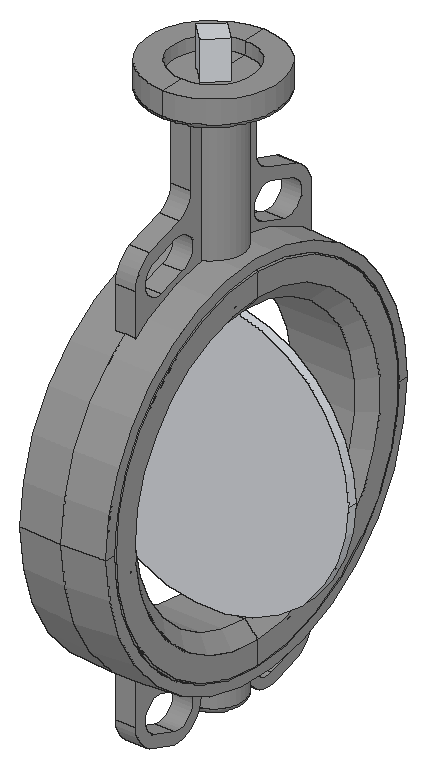
Revit family "Absperr- und Regulierklappe ZF-4219", category Rohrzubehör, Revit 2020
Family settings
  Bemaßung runder Anschluss = Durchmesser verwenden
  Teiletyp = Unterbricht
  Arbeitsebenenbasiert = Nein
  Immer vertikal = Ja
  Beim Laden mit Abzugskörper schneiden = Nein
  Gemeinsam genutzt = Nein
Parameters
  Vorgabe-Ansicht = 0 mm
  URL = "www.herz-armaturen.at"
  Spindel = "Edelstahl ASTM-A276 / Type 316"  # constant formula
  Schrauben PN16 [instance] = if(Nennweite = 50 mm, "4x M16x100", if(Nennweite = 65 mm, "4x M16x100", if(Nennweite = 80 mm, "8x M16x100", if(Nennweite = 100 mm, "8x M16x110", if(Nennweite = 125 mm, "8x M16x120", if(Nennweite = 150 mm, "8x M20x120", if(Nennweite = 200 mm, "12x M20x130", if(Nennweite = 250 mm, "12x M24x140", "12x M24x160"))))))))  # "12x M20x130"
  Schrauben PN 6 [instance] = if(Nennweite = 50 mm, "4x M12x100", if(Nennweite = 65 mm, "4x M12x100", if(Nennweite = 80 mm, "4x M16x100", if(Nennweite = 100 mm, "4x M16x100", if(Nennweite = 125 mm, "8x M16x110", if(Nennweite = 150 mm, "8x M16x110", if(Nennweite = 200 mm, "--", if(Nennweite = 250 mm, "12x M16x130", "12xM16x140"))))))))  # "--"
  Schrauben PN10 [instance] = if(Nennweite = 50 mm, "4x M16x100", if(Nennweite = 65 mm, "4x M16x100", if(Nennweite = 80 mm, "4x M16x100", if(Nennweite = 100 mm, "4x M16x110", if(Nennweite = 125 mm, "8x M16x120", if(Nennweite = 150 mm, "8x M20x120", if(Nennweite = 200 mm, "8x M20x130", if(Nennweite = 250 mm, "12x M20x130", "12x M20x150"))))))))  # "8x M20x130"
  SCTWSEQ = "FW;SBT_TYP_FW=\"101\";2"
  SCTWCODE = "04;07;02"  # constant formula
  SCRNSEQ = "ARM;ARM_TYP=\"ALLF\";2"
  SCRNCODE = "05;13;02"  # constant formula
  R_Dichtung = 1.5 mm  # constant formula
  PN16 [instance] = or(Nennweite = 50 mm, Nennweite = 65 mm, Nennweite = 80 mm, Nennweite = 100 mm, Nennweite = 125 mm, Nennweite = 150 mm, Nennweite = 200 mm, Nennweite = 250 mm, Nennweite = 300 mm)  # yes
  PN10 [instance] = or(Nennweite = 50 mm, Nennweite = 65 mm, Nennweite = 80 mm, Nennweite = 100 mm, Nennweite = 125 mm, Nennweite = 150 mm, Nennweite = 200 mm, Nennweite = 250 mm, Nennweite = 300 mm)  # yes
  PN 6 [instance] = or(Nennweite = 50 mm, Nennweite = 65 mm, Nennweite = 80 mm, Nennweite = 100 mm, Nennweite = 125 mm, Nennweite = 150 mm, Nennweite = 250 mm, Nennweite = 300 mm)  # no
  PN = 16  # constant formula
  O-Ring = "EPDM entsprechend ISO 1691"  # constant formula
  Nennweite [instance] = 200 mm
  Min. Betriebstemperatur = "-20.00 °C bei entsprechender Wasser-Glycolmischung"  # constant formula
  Medium = "Ethylen- und Propyleneglykol kann in einem Mischungsverhältnis zwischen 25 - 50 vol. [%] verwendet werden."
  Max. Betriebstemperatur = 110 °C  # constant formula
  LO1 [instance] = R05 + 10 mm  # 141 mm
  L16 [instance] = L01 - L13  # 236 mm
  L15 [instance] = L01 + L12  # 263 mm
  L14 [instance] = size_lookup("4219_ZF", "L_14", 44.4 mm, Nennweite)  # 61.5 mm
  L13 [instance] = size_lookup("4219_ZF", "L_13", 15 mm, Nennweite)  # 9 mm
  L12 [instance] = size_lookup("4219_ZF", "L_12", 15 mm, Nennweite)  # 18 mm
  L11 [instance] = size_lookup("4219_ZF", "L_11", 15 mm, Nennweite)  # 20 mm
  L10 [instance] = size_lookup("4219_ZF", "L_10", 16 mm, Nennweite)  # 16 mm
  L09 [instance] = size_lookup("4219_ZF", "L9", 29 mm, Nennweite)  # 44 mm
  L08 [instance] = size_lookup("4219_ZF", "L8", 43 mm, Nennweite)  # 60 mm
  L07 [instance] = size_lookup("4219_ZF", "L7", 3.5 mm, Nennweite)  # 4.5 mm
  L06 [instance] = size_lookup("4219_ZF", "L6", 18 mm, Nennweite)  # 32 mm
  L05 [instance] = size_lookup("4219_ZF", "L5", 35 mm, Nennweite)  # 50 mm
  L04 [instance] = size_lookup("4219_ZF", "L4", 35 mm, Nennweite)  # 17.5 mm
  L03 [instance] = size_lookup("4219_ZF", "L3", 35 mm, Nennweite)  # 152.5 mm
  L02 [instance] = size_lookup("4219_ZF", "L2", 35 mm, Nennweite)  # 109 mm
  L01 [instance] = size_lookup("4219_ZF", "L1", 35 mm, Nennweite)  # 245 mm
  Klappenscheibe = "Edelstahl 1.4408"  # constant formula
  Hersteller = "HERZ Armaturen Ges.m.b.H."  # constant formula
  Hebel DN 50-DN150 = "Stahl, ST14.03"  # constant formula
  Hebel DN200-300 = "Stahl, S235 DIN2458/1626"  # constant formula
  H [instance] = size_lookup("4219_ZF", "H1", 9 mm, Nennweite)  # 17 mm
  Gewicht in kg [instance] = size_lookup("4219_ZF", "M", 37.6, Nennweite)  # 16.6
  Gewicht [instance] = 0.00 kg
  Gehäuseauskleidung = "EPDM entsprechend ISO 1691"  # constant formula
  Gehäuse = "GG, GJL-250/JL1040, entsprechend EN1561"  # constant formula
  Einbaudatum [instance] = ""
  Drehmoment in Nm [instance] = size_lookup("4219_ZF", "NM", 350, Nennweite)  # 150
  DN300 [instance] = Nennweite = 300 mm  # no
  DN250 [instance] = Nennweite = 250 mm  # no
  DN200 [instance] = Nennweite = 200 mm  # yes
  DN150 [instance] = Nennweite = 150 mm  # no
  DN125 [instance] = Nennweite = 125 mm  # no
  DN100 [instance] = Nennweite = 100 mm  # no
  DN 80 [instance] = Nennweite = 80 mm  # no
  DN 65 [instance] = Nennweite = 65 mm  # no
  DN 50 [instance] = Nennweite = 50 mm  # no
  Chargennummer [instance] = ""
  BD [instance] = size_lookup("4219_ZF", "DB", 24 mm, Nennweite)  # 193.6 mm
  D09 [instance] = size_lookup("4219_ZF", "D9", 24 mm, Nennweite)  # 96.5 mm
  D08 [instance] = size_lookup("4219_ZF", "D8", 47 mm, Nennweite)  # 14 mm
  D07 [instance] = size_lookup("4219_ZF", "D7", 47 mm, Nennweite)  # 27.5 mm
  D06 [instance] = size_lookup("4219_ZF", "D6", 47 mm, Nennweite)  # 44 mm
  R05 [instance] = size_lookup("4219_ZF", "D5", 47 mm, Nennweite)  # 131 mm
  D05 [instance] = R05 * 2  # 262 mm
  D04 [instance] = size_lookup("4219_ZF", "D4", 41 mm, Nennweite)  # 124 mm
  D03 [instance] = size_lookup("4219_ZF", "D3", 35.5 mm, Nennweite)  # 116.5 mm
  R01 [instance] = size_lookup("4219_ZF", "D1", 28 mm, Nennweite)  # 103.5 mm
  R02 [instance] = size_lookup("4219_ZF", "D2", 30 mm, Nennweite)  # 105.5 mm
  Bestellnummer [instance] = size_lookup("4219_ZF", "Artnr", 1421901, Nennweite)  # 1421927
  Anwendungsgebiet = "Geeignet für Flüssigkeiten in der Haustechnik, Kaltwasser, Heißwasser, etc."
  Anschlussflansch = "entsprechend EN1092-2"  # constant formula
Reference planes
  plane 1 "Mitte (Vorne/hinten)": y = 0
  plane 2: z = 0
  plane 3 "Mitte (Links/rechts)": x = 0
Forms (mm)
  Revolve 1, solid, material "Herz-Metall-blau", detail levels fine
    sketch origin (0, 0, 0) x (1, 0, 0) y (0, 1, 0)
      loop
        line (0, 132.724) -> (-30, 131) -> (-30, 124) -> (-22, 124) -> (-22, 116.5) -> (-23.5, 116.5)
        arc (-23.5, 116.5) -> (-24.561, 116.061) -> (-25, 115) r 1.5
        line (-25, 115) -> (-25, 105.824)
        arc (-25, 105.824) -> (-24.729, 104.964) -> (-24.013, 104.415) r 1.5
        line (-24.013, 104.415) -> (-20.5, 103.5) -> (-16, 103.5) -> (-16, 105.5) -> (16, 105.5) -> (16, 103.5) -> (20.5, 103.5) -> (24.013, 104.415)
        arc (24.013, 104.415) -> (24.729, 104.964) -> (25, 105.824) r 1.5
        line (25, 105.824) -> (25, 115)
        arc (25, 115) -> (24.561, 116.061) -> (23.5, 116.5) r 1.5
        line (23.5, 116.5) -> (22, 116.5) -> (22, 124) -> (30, 124) -> (30, 131) -> (0, 132.724)
      axis (30, 0) -> (-30, 0)
    angle from 0 to 360
  Extrusion 2, solid, material "Herz-Metall-blau", visible <- "DN 50", detail levels fine
    sketch origin (0, 0, 0) x (0, 1, 0) y (0, 0, 1)
      loop
        line (20, 54.051) -> (20.008, 111.113) -> (16.897, 110.952)
        arc (16.897, 110.952) -> (15.55, 110.331) -> (15, 108.954) r 2
        line (15, 108.954) -> (15, 44.542)
        arc (15, 44.542) -> (31.465, 34.913) -> (42.748, 19.534) r 47
        arc (42.748, 19.534) -> (42.633, 20.873) -> (43.392, 21.983) r 2
        line (43.392, 21.983) -> (54.714, 30.209)
        arc (54.714, 30.209) -> (56.569, 56.569) -> (30.209, 54.714) r 17.5
        line (30.209, 54.714) -> (27.87, 51.494)
        arc (27.87, 51.494) -> (23.006, 49.914) -> (20, 54.051) r 4.35
      loop
        arc (32.065, 41.998) -> (33.588, 33.588) -> (41.998, 32.065) r 7.5
        line (41.998, 32.065) -> (48.502, 35.17)
        arc (48.502, 35.17) -> (51.265, 51.265) -> (35.17, 48.502) r 10
        line (35.17, 48.502) -> (32.065, 41.998)
      loop
        arc (-20, 54.051) -> (-23.006, 49.914) -> (-27.87, 51.494) r 4.35
        line (-27.87, 51.494) -> (-30.209, 54.714)
        arc (-30.209, 54.714) -> (-56.569, 56.569) -> (-54.714, 30.209) r 17.5
        line (-54.714, 30.209) -> (-43.392, 21.983)
        arc (-43.392, 21.983) -> (-42.633, 20.873) -> (-42.748, 19.534) r 2
        arc (-42.748, 19.534) -> (-31.465, 34.913) -> (-15, 44.542) r 47
        line (-15, 44.542) -> (-15, 108.954)
        arc (-15, 108.954) -> (-15.55, 110.331) -> (-16.897, 110.952) r 2
        line (-16.897, 110.952) -> (-20.008, 111.113) -> (-20, 54.051)
      loop
        line (-32.065, 41.998) -> (-35.17, 48.502)
        arc (-35.17, 48.502) -> (-51.265, 51.265) -> (-48.502, 35.17) r 10
        line (-48.502, 35.17) -> (-41.998, 32.065)
        arc (-41.998, 32.065) -> (-33.588, 33.588) -> (-32.065, 41.998) r 7.5
      loop
        line (32.065, -41.998) -> (35.17, -48.502)
        arc (35.17, -48.502) -> (51.265, -51.265) -> (48.502, -35.17) r 10
        line (48.502, -35.17) -> (41.998, -32.065)
        arc (41.998, -32.065) -> (33.588, -33.588) -> (32.065, -41.998) r 7.5
      loop
        line (54.714, -30.209) -> (43.392, -21.983)
        arc (43.392, -21.983) -> (42.633, -20.873) -> (42.748, -19.534) r 2
        arc (42.748, -19.534) -> (33.234, -33.234) -> (19.534, -42.748) r 47
        arc (19.534, -42.748) -> (20.873, -42.633) -> (21.983, -43.392) r 2
        line (21.983, -43.392) -> (30.209, -54.714)
        arc (30.209, -54.714) -> (56.569, -56.569) -> (54.714, -30.209) r 17.5
      loop
        arc (-32.065, -41.998) -> (-33.588, -33.588) -> (-41.998, -32.065) r 7.5
        line (-41.998, -32.065) -> (-48.502, -35.17)
        arc (-48.502, -35.17) -> (-51.265, -51.265) -> (-35.17, -48.502) r 10
        line (-35.17, -48.502) -> (-32.065, -41.998)
      loop
        arc (-54.714, -30.209) -> (-56.569, -56.569) -> (-30.209, -54.714) r 17.5
        line (-30.209, -54.714) -> (-21.983, -43.392)
        arc (-21.983, -43.392) -> (-20.873, -42.633) -> (-19.534, -42.748) r 2
        arc (-19.534, -42.748) -> (-33.234, -33.234) -> (-42.748, -19.534) r 47
        arc (-42.748, -19.534) -> (-42.633, -20.873) -> (-43.392, -21.983) r 2
        line (-43.392, -21.983) -> (-54.714, -30.209)
    from -4.5 to 4.5
  Extrusion 3, solid, material "Herz-Metall-blau", visible <- "DN 65", detail levels fine
    sketch origin (0, 0, 0) x (0, 1, 0) y (0, 0, 1)
      loop
        arc (51.659, 21.619) -> (51.541, 22.778) -> (52.089, 23.805) r 2
        line (52.089, 23.805) -> (65.407, 37.123)
        arc (65.407, 37.123) -> (65.407, 65.407) -> (37.123, 65.407) r 20
        line (37.123, 65.407) -> (29.414, 57.699)
        arc (29.414, 57.699) -> (27.235, 57.265) -> (26, 59.113) r 2
        line (26, 59.113) -> (26, 136.154) -> (19.897, 135.838)
        arc (19.897, 135.838) -> (18.55, 135.218) -> (18, 133.841) r 2
        line (18, 133.841) -> (18, 53.028)
        arc (18, 53.028) -> (38.206, 40.942) -> (51.659, 21.619) r 56
      loop
        arc (55.637, 42.831) -> (57.983, 57.983) -> (42.831, 55.637) r 9.5
        line (42.831, 55.637) -> (39.647, 48.983)
        arc (39.647, 48.983) -> (41.012, 41.012) -> (48.983, 39.647) r 7
        line (48.983, 39.647) -> (55.637, 42.831)
      loop
        arc (51.659, -21.619) -> (39.598, -39.598) -> (21.619, -51.659) r 56
        arc (21.619, -51.659) -> (22.778, -51.541) -> (23.805, -52.089) r 2
        line (23.805, -52.089) -> (37.123, -65.407)
        arc (37.123, -65.407) -> (65.407, -65.407) -> (65.407, -37.123) r 20
        line (65.407, -37.123) -> (52.089, -23.805)
        arc (52.089, -23.805) -> (51.541, -22.778) -> (51.659, -21.619) r 2
      loop
        line (55.637, -42.831) -> (48.983, -39.647)
        arc (48.983, -39.647) -> (41.012, -41.012) -> (39.647, -48.983) r 7
        line (39.647, -48.983) -> (42.831, -55.637)
        arc (42.831, -55.637) -> (57.983, -57.983) -> (55.637, -42.831) r 9.5
      loop
        arc (-51.659, -21.619) -> (-51.541, -22.778) -> (-52.089, -23.805) r 2
        line (-52.089, -23.805) -> (-65.407, -37.123)
        arc (-65.407, -37.123) -> (-65.407, -65.407) -> (-37.123, -65.407) r 20
        line (-37.123, -65.407) -> (-23.805, -52.089)
        arc (-23.805, -52.089) -> (-22.778, -51.541) -> (-21.619, -51.659) r 2
        arc (-21.619, -51.659) -> (-39.598, -39.598) -> (-51.659, -21.619) r 56
      loop
        arc (-55.637, -42.831) -> (-57.983, -57.983) -> (-42.831, -55.637) r 9.5
        line (-42.831, -55.637) -> (-39.647, -48.983)
        arc (-39.647, -48.983) -> (-41.012, -41.012) -> (-48.983, -39.647) r 7
        line (-48.983, -39.647) -> (-55.637, -42.831)
      loop
        arc (-51.659, 21.619) -> (-38.206, 40.942) -> (-18, 53.028) r 56
        line (-18, 53.028) -> (-18, 133.838)
        arc (-18, 133.838) -> (-18.55, 135.215) -> (-19.897, 135.835) r 2
        line (-19.897, 135.835) -> (-26, 136.151) -> (-26, 59.113)
        arc (-26, 59.113) -> (-27.235, 57.265) -> (-29.414, 57.699) r 2
        line (-29.414, 57.699) -> (-37.123, 65.407)
        arc (-37.123, 65.407) -> (-65.407, 65.407) -> (-65.407, 37.123) r 20
        line (-65.407, 37.123) -> (-52.089, 23.805)
        arc (-52.089, 23.805) -> (-51.541, 22.778) -> (-51.659, 21.619) r 2
      loop
        line (-55.637, 42.831) -> (-48.983, 39.647)
        arc (-48.983, 39.647) -> (-41.012, 41.012) -> (-39.647, 48.983) r 7
        line (-39.647, 48.983) -> (-42.831, 55.637)
        arc (-42.831, 55.637) -> (-57.983, 57.983) -> (-55.637, 42.831) r 9.5
    from -4.5 to 4.5
  Extrusion 4, solid, material "Herz-Metall-blau", visible <- "DN 80", detail levels fine
    sketch origin (0, 0, 0) x (0, 1, 0) y (0, 0, 1)
      loop
        line (26, 143.161) -> (20.397, 142.871)
        arc (20.397, 142.871) -> (19.05, 142.251) -> (18.5, 140.874) r 2
        line (18.5, 140.874) -> (18.5, 62.833)
        arc (18.5, 62.833) -> (41.296, 50.842) -> (57.706, 30.989) r 65.5
        arc (57.706, 30.989) -> (57.482, 32.176) -> (57.983, 33.275) r 2
        line (57.983, 33.275) -> (67.23, 43.52)
        arc (67.23, 43.52) -> (70.328, 54.798) -> (65.407, 65.407) r 17
        line (65.407, 65.407) -> (42.005, 86.53)
        arc (42.005, 86.53) -> (37.832, 89.302) -> (33.031, 90.738) r 17
        arc (33.031, 90.738) -> (27.974, 93.895) -> (26, 99.52) r 9
        line (26, 99.52) -> (26, 143.161)
      loop
        circle (30.615, 73.91) r 9.5
      loop
        circle (53.387, 53.387) r 9.5
      loop
        arc (57.706, -30.989) -> (41.296, -50.842) -> (18.5, -62.833) r 65.5
        line (18.5, -62.833) -> (18.5, -85.837)
        arc (18.5, -85.837) -> (30.113, -90.903) -> (42.005, -86.53) r 17
        line (42.005, -86.53) -> (65.407, -65.407)
        arc (65.407, -65.407) -> (70.328, -54.798) -> (67.23, -43.52) r 17
        line (67.23, -43.52) -> (57.983, -33.275)
        arc (57.983, -33.275) -> (57.482, -32.176) -> (57.706, -30.989) r 2
      loop
        circle (30.615, -73.91) r 9.5
      loop
        circle (53.387, -53.387) r 9.5
      loop
        arc (-57.706, -30.989) -> (-57.482, -32.176) -> (-57.983, -33.275) r 2
        line (-57.983, -33.275) -> (-67.23, -43.52)
        arc (-67.23, -43.52) -> (-70.328, -54.798) -> (-65.407, -65.407) r 17
        line (-65.407, -65.407) -> (-42.005, -86.53)
        arc (-42.005, -86.53) -> (-30.113, -90.903) -> (-18.5, -85.837) r 17
        line (-18.5, -85.837) -> (-18.5, -62.833)
        arc (-18.5, -62.833) -> (-41.296, -50.842) -> (-57.706, -30.989) r 65.5
      loop
        circle (-30.615, -73.91) r 9.5
      loop
        circle (-53.387, -53.387) r 9.5
      loop
        line (-26, 143.179) -> (-26, 99.52)
        arc (-26, 99.52) -> (-27.974, 93.895) -> (-33.031, 90.738) r 9
        arc (-33.031, 90.738) -> (-37.832, 89.302) -> (-42.005, 86.53) r 17
        line (-42.005, 86.53) -> (-65.407, 65.407)
        arc (-65.407, 65.407) -> (-70.328, 54.798) -> (-67.23, 43.52) r 17
        line (-67.23, 43.52) -> (-57.983, 33.275)
        arc (-57.983, 33.275) -> (-57.482, 32.176) -> (-57.706, 30.989) r 2
        arc (-57.706, 30.989) -> (-41.296, 50.842) -> (-18.5, 62.833) r 65.5
        line (-18.5, 62.833) -> (-18.5, 140.891)
        arc (-18.5, 140.891) -> (-19.05, 142.268) -> (-20.397, 142.888) r 2
        line (-20.397, 142.888) -> (-26, 143.179)
      loop
        circle (-30.615, 73.91) r 9.5
      loop
        circle (-53.387, 53.387) r 9.5
    from -4.5 to 4.5
  Extrusion 5, solid, material "Herz-Metall-blau", visible <- "DN100", detail levels fine
    sketch origin (0, 0, 0) x (0, 1, 0) y (0, 0, 1)
      loop
        line (64.131, 38.887) -> (73.681, 49.873)
        arc (73.681, 49.873) -> (77.063, 61.29) -> (72.125, 72.125) r 17
        line (72.125, 72.125) -> (45.809, 95.79)
        arc (45.809, 95.79) -> (41.366, 98.675) -> (36.25, 100.053) r 17
        arc (36.25, 100.053) -> (28.882, 104.596) -> (26, 112.759) r 13
        line (26, 112.759) -> (26, 166.173) -> (20.397, 165.883)
        arc (20.397, 165.883) -> (19.05, 165.263) -> (18.5, 163.886) r 2
        line (18.5, 163.886) -> (18.5, 72.683)
        arc (18.5, 72.683) -> (44.637, 60.27) -> (64.131, 38.887) r 75
      loop
        circle (60.104, 60.104) r 9.5
      loop
        circle (34.442, 83.149) r 9.5
      loop
        arc (64.131, -38.887) -> (44.637, -60.27) -> (18.5, -72.683) r 75
        line (18.5, -72.683) -> (18.5, -95.329)
        arc (18.5, -95.329) -> (21.473, -95.603) -> (24.233, -96.743) r 10
        arc (24.233, -96.743) -> (35.191, -100.133) -> (45.809, -95.79) r 17
        line (45.809, -95.79) -> (72.125, -72.125)
        arc (72.125, -72.125) -> (77.063, -61.29) -> (73.681, -49.873) r 17
        line (73.681, -49.873) -> (64.131, -38.887)
      loop
        circle (60.104, -60.104) r 9.5
      loop
        circle (34.442, -83.149) r 9.5
      loop
        line (-64.131, -38.887) -> (-73.681, -49.873)
        arc (-73.681, -49.873) -> (-77.063, -61.29) -> (-72.125, -72.125) r 17
        line (-72.125, -72.125) -> (-45.809, -95.79)
        arc (-45.809, -95.79) -> (-35.191, -100.133) -> (-24.233, -96.743) r 17
        arc (-24.233, -96.743) -> (-21.473, -95.603) -> (-18.5, -95.329) r 10
        line (-18.5, -95.329) -> (-18.5, -72.683)
        arc (-18.5, -72.683) -> (-44.637, -60.27) -> (-64.131, -38.887) r 75
      loop
        circle (-60.104, -60.104) r 9.5
      loop
        circle (-34.442, -83.149) r 9.5
      loop
        arc (-64.131, 38.887) -> (-44.637, 60.27) -> (-18.5, 72.683) r 75
        line (-18.5, 72.683) -> (-18.5, 163.876)
        arc (-18.5, 163.876) -> (-19.05, 165.253) -> (-20.397, 165.873) r 2
        line (-20.397, 165.873) -> (-26, 166.164) -> (-26, 112.759)
        arc (-26, 112.759) -> (-28.882, 104.596) -> (-36.25, 100.053) r 13
        arc (-36.25, 100.053) -> (-41.366, 98.675) -> (-45.809, 95.79) r 17
        line (-45.809, 95.79) -> (-72.125, 72.125)
        arc (-72.125, 72.125) -> (-77.063, 61.29) -> (-73.681, 49.873) r 17
        line (-73.681, 49.873) -> (-64.131, 38.887)
      loop
        circle (-60.104, 60.104) r 9.5
      loop
        circle (-34.442, 83.149) r 9.5
    from -4.5 to 4.5
  Extrusion 6, solid, material "Herz-Metall-blau", visible <- "DN125", detail levels fine
    sketch origin (0, 0, 0) x (0, 1, 0) y (0, 0, 1)
      loop
        arc (75.229, 48.945) -> (74.917, 50.244) -> (75.492, 51.45) r 2
        line (75.492, 51.45) -> (82.731, 58.69)
        arc (82.731, 58.69) -> (87.711, 70.711) -> (82.731, 82.731) r 17
        line (82.731, 82.731) -> (51.291, 109.875)
        arc (51.291, 109.875) -> (46.108, 112.941) -> (40.182, 114.007) r 17
        line (40.182, 114.007) -> (38, 114.007)
        arc (38, 114.007) -> (29.515, 117.522) -> (26, 126.007) r 12
        line (26, 126.007) -> (26, 185.157) -> (20.397, 184.867)
        arc (20.397, 184.867) -> (19.05, 184.246) -> (18.5, 182.869) r 2
        line (18.5, 182.869) -> (18.5, 87.823)
        arc (18.5, 87.823) -> (50.736, 74.033) -> (75.229, 48.945) r 89.75
      loop
        circle (40.182, 97.007) r 9.5
      loop
        circle (70.711, 70.711) r 9.5
      loop
        arc (75.229, -48.945) -> (50.736, -74.033) -> (18.5, -87.823) r 89.75
        line (18.5, -87.823) -> (18.5, -108.431)
        arc (18.5, -108.431) -> (24.248, -107.655) -> (29.46, -110.2) r 10
        arc (29.46, -110.2) -> (40.434, -114.005) -> (51.291, -109.875) r 17
        line (51.291, -109.875) -> (82.731, -82.731)
        arc (82.731, -82.731) -> (87.711, -70.711) -> (82.731, -58.69) r 17
        line (82.731, -58.69) -> (75.492, -51.45)
        arc (75.492, -51.45) -> (74.917, -50.244) -> (75.229, -48.945) r 2
      loop
        circle (40.182, -97.007) r 9.5
      loop
        circle (70.711, -70.711) r 9.5
      loop
        arc (-75.229, -48.945) -> (-74.917, -50.244) -> (-75.492, -51.45) r 2
        line (-75.492, -51.45) -> (-82.731, -58.69)
        arc (-82.731, -58.69) -> (-87.711, -70.711) -> (-82.731, -82.731) r 17
        line (-82.731, -82.731) -> (-51.291, -109.875)
        arc (-51.291, -109.875) -> (-40.434, -114.005) -> (-29.46, -110.2) r 17
        arc (-29.46, -110.2) -> (-24.248, -107.655) -> (-18.5, -108.431) r 10
        line (-18.5, -108.431) -> (-18.5, -87.823)
        arc (-18.5, -87.823) -> (-50.736, -74.033) -> (-75.229, -48.945) r 89.75
      loop
        circle (-40.182, -97.007) r 9.5
      loop
        circle (-70.711, -70.711) r 9.5
      loop
        arc (-75.229, 48.945) -> (-50.736, 74.033) -> (-18.5, 87.823) r 89.75
        line (-18.5, 87.823) -> (-18.5, 182.852)
        arc (-18.5, 182.852) -> (-19.05, 184.23) -> (-20.397, 184.85) r 2
        line (-20.397, 184.85) -> (-26, 185.14) -> (-26, 126.007)
        arc (-26, 126.007) -> (-29.515, 117.522) -> (-38, 114.007) r 12
        line (-38, 114.007) -> (-40.182, 114.007)
        arc (-40.182, 114.007) -> (-46.108, 112.941) -> (-51.291, 109.875) r 17
        line (-51.291, 109.875) -> (-82.731, 82.731)
        arc (-82.731, 82.731) -> (-87.711, 70.711) -> (-82.731, 58.69) r 17
        line (-82.731, 58.69) -> (-75.492, 51.45)
        arc (-75.492, 51.45) -> (-74.917, 50.244) -> (-75.229, 48.945) r 2
      loop
        circle (-40.182, 97.007) r 9.5
      loop
        circle (-70.711, 70.711) r 9.5
    from -6 to 6
  Extrusion 7, solid, material "Herz-Metall-blau", visible <- "DN150", detail levels fine
    sketch origin (0, 0, 0) x (0, 1, 0) y (0, 0, 1)
      loop
        line (83.495, 59.454) -> (91.57, 67.529)
        arc (91.57, 67.529) -> (96.55, 79.55) -> (91.57, 91.57) r 17
        line (91.57, 91.57) -> (57.511, 123.304)
        arc (57.511, 123.304) -> (45.758, 127.865) -> (34.095, 123.077) r 17
        arc (34.095, 123.077) -> (28.976, 122.416) -> (26, 126.633) r 5
        line (26, 126.633) -> (26, 198.177) -> (20.397, 197.887)
        arc (20.397, 197.887) -> (19.05, 197.267) -> (18.5, 195.889) r 2
        line (18.5, 195.889) -> (18.5, 100.817)
        arc (18.5, 100.817) -> (55.032, 86.474) -> (83.495, 59.454) r 102.5
      loop
        circle (45.922, 110.866) r 11.5
      loop
        circle (79.55, 79.55) r 9.5
      loop
        circle (45.922, -110.866) r 11.5
      loop
        circle (79.55, -79.55) r 9.5
      loop
        line (91.57, -67.529) -> (83.495, -59.454)
        arc (83.495, -59.454) -> (55.032, -86.474) -> (18.5, -100.817) r 102.5
        line (18.5, -100.817) -> (18.5, -123.208)
        arc (18.5, -123.208) -> (19.363, -121.755) -> (21.03, -121.482) r 2
        line (21.03, -121.482) -> (42.642, -127.546)
        arc (42.642, -127.546) -> (50.587, -127.213) -> (57.511, -123.304) r 17
        line (57.511, -123.304) -> (91.57, -91.57)
        arc (91.57, -91.57) -> (96.55, -79.55) -> (91.57, -67.529) r 17
      loop
        arc (-83.495, 59.454) -> (-55.032, 86.474) -> (-18.5, 100.817) r 102.5
        line (-18.5, 100.817) -> (-18.5, 195.875)
        arc (-18.5, 195.875) -> (-19.05, 197.252) -> (-20.397, 197.872) r 2
        line (-20.397, 197.872) -> (-26, 198.163) -> (-26, 126.633)
        arc (-26, 126.633) -> (-28.976, 122.416) -> (-34.095, 123.077) r 5
        arc (-34.095, 123.077) -> (-45.758, 127.865) -> (-57.511, 123.304) r 17
        line (-57.511, 123.304) -> (-91.57, 91.57)
        arc (-91.57, 91.57) -> (-96.55, 79.55) -> (-91.57, 67.529) r 17
        line (-91.57, 67.529) -> (-83.495, 59.454)
      loop
        circle (-45.922, 110.866) r 11.5
      loop
        circle (-79.55, 79.55) r 9.5
      loop
        circle (-45.922, -110.866) r 11.5
      loop
        circle (-79.55, -79.55) r 9.5
      loop
        arc (-91.57, -67.529) -> (-96.55, -79.55) -> (-91.57, -91.57) r 17
        line (-91.57, -91.57) -> (-57.511, -123.304)
        arc (-57.511, -123.304) -> (-50.587, -127.213) -> (-42.642, -127.546) r 17
        line (-42.642, -127.546) -> (-21.03, -121.482)
        arc (-21.03, -121.482) -> (-19.363, -121.755) -> (-18.5, -123.208) r 2
        line (-18.5, -123.208) -> (-18.5, -100.817)
        arc (-18.5, -100.817) -> (-55.032, -86.474) -> (-83.495, -59.454) r 102.5
        line (-83.495, -59.454) -> (-91.57, -67.529)
    from -7 to 7
  Extrusion 8, solid, material "Herz-Metall-blau", visible <- "DN200", detail levels fine
    sketch origin (0, 0, 0) x (0, 1, 0) y (0, 0, 1)
      loop
        arc (42.048, 153.832) -> (26.654, 145.827) -> (35.349, 130.812) r 12
        line (35.349, 130.812) -> (53.31, 124.689)
        arc (53.31, 124.689) -> (67.804, 132.4) -> (61.038, 147.359) r 12
        line (61.038, 147.359) -> (42.048, 153.832)
      loop
        line (28, 226.273) -> (22.065, 226.047)
        arc (22.065, 226.047) -> (20.655, 225.469) -> (20, 224.092) r 2.114
        line (20, 224.092) -> (20, 129.471)
        arc (20, 129.471) -> (49.604, 121.273) -> (76.485, 106.406) r 130.989
        line (76.485, 106.406) -> (76.485, 136.265)
        arc (76.485, 136.265) -> (73.108, 147.391) -> (64.117, 154.764) r 20.019
        line (64.117, 154.764) -> (38.16, 163.592)
        arc (38.16, 163.592) -> (30.802, 169.06) -> (28, 177.79) r 15
        line (28, 177.79) -> (28, 226.273)
      loop
        line (42.048, -153.832) -> (61.038, -147.359)
        arc (61.038, -147.359) -> (67.804, -132.4) -> (53.31, -124.689) r 12
        line (53.31, -124.689) -> (35.349, -130.812)
        arc (35.349, -130.812) -> (26.654, -145.827) -> (42.048, -153.832) r 12
      loop
        arc (76.446, -106.382) -> (49.585, -121.253) -> (20, -129.464) r 131
        line (20, -129.464) -> (20, -141.835)
        arc (20, -141.835) -> (28.361, -158.099) -> (46.453, -160.765) r 20
        line (46.453, -160.765) -> (64.099, -154.75)
        arc (64.099, -154.75) -> (73.075, -147.384) -> (76.446, -136.272) r 20
        line (76.446, -136.272) -> (76.446, -106.382)
      loop
        arc (-42.048, -153.832) -> (-26.654, -145.827) -> (-35.349, -130.812) r 12
        line (-35.349, -130.812) -> (-53.31, -124.689)
        arc (-53.31, -124.689) -> (-67.804, -132.4) -> (-61.038, -147.359) r 12
        line (-61.038, -147.359) -> (-42.048, -153.832)
      loop
        line (-76.446, -106.382) -> (-76.446, -136.272)
        arc (-76.446, -136.272) -> (-73.075, -147.384) -> (-64.099, -154.75) r 20
        line (-64.099, -154.75) -> (-46.453, -160.765)
        arc (-46.453, -160.765) -> (-28.361, -158.099) -> (-20, -141.835) r 20
        line (-20, -141.835) -> (-20, -129.464)
        arc (-20, -129.464) -> (-49.585, -121.253) -> (-76.446, -106.382) r 131
      loop
        line (-42.048, 153.832) -> (-61.038, 147.359)
        arc (-61.038, 147.359) -> (-67.804, 132.4) -> (-53.31, 124.689) r 12
        line (-53.31, 124.689) -> (-35.349, 130.812)
        arc (-35.349, 130.812) -> (-26.654, 145.827) -> (-42.048, 153.832) r 12
      loop
        line (-28, 226.278) -> (-28, 177.79)
        arc (-28, 177.79) -> (-30.802, 169.06) -> (-38.16, 163.592) r 15
        line (-38.16, 163.592) -> (-64.117, 154.764)
        arc (-64.117, 154.764) -> (-73.108, 147.391) -> (-76.485, 136.265) r 20.019
        line (-76.485, 136.265) -> (-76.485, 106.406)
        arc (-76.485, 106.406) -> (-49.604, 121.273) -> (-20, 129.471) r 130.989
        line (-20, 129.471) -> (-20, 224.098)
        arc (-20, 224.098) -> (-20.655, 225.475) -> (-22.065, 226.053) r 2.114
        line (-22.065, 226.053) -> (-28, 226.278)
    from -7 to 7
  Extrusion 9, solid, material "Herz-Metall-blau", visible <- "DN250", detail levels fine
    sketch origin (0, 0, 0) x (0, 1, 0) y (0, 0, 1)
      loop
        arc (-95.9, 125.382) -> (-61.406, 145.382) -> (-23, 156.095) r 157.75
        line (-23, 156.095) -> (-23, 258.814)
        arc (-23, 258.814) -> (-23.588, 260.113) -> (-24.893, 260.69) r 2
        line (-24.893, 260.69) -> (-32, 261.058) -> (-32, 187.712)
        arc (-32, 187.712) -> (-33.507, 185.205) -> (-36.428, 185.359) r 2.84
        arc (-36.428, 185.359) -> (-43.951, 188.152) -> (-51.918, 187.184) r 17
        line (-51.918, 187.184) -> (-97.072, 155.872)
        arc (-97.072, 155.872) -> (-100.207, 149.167) -> (-100.195, 141.765) r 17
        line (-100.195, 141.765) -> (-95.9, 125.382)
      loop
        circle (-83.608, 145.492) r 9.5
      loop
        circle (-45.549, 171.269) r 14
      loop
        arc (96.192, -125.349) -> (61.575, -145.51) -> (23, -156.317) r 157.999
        line (23, -156.317) -> (23, -181.388) -> (27.217, -181.388)
        arc (27.217, -181.388) -> (30.142, -181.826) -> (32.812, -183.1) r 10
        line (32.812, -183.1) -> (36.428, -185.542)
        arc (36.428, -185.542) -> (44.468, -188.388) -> (52.878, -186.972) r 17
        line (52.878, -186.972) -> (97.463, -155.872)
        arc (97.463, -155.872) -> (100.598, -149.167) -> (100.586, -141.765) r 17
        line (100.586, -141.765) -> (96.192, -125.349)
      loop
        circle (84, -145.492) r 9.5
      loop
        circle (45.94, -171.452) r 14
      loop
        line (-96.192, -125.349) -> (-100.586, -141.765)
        arc (-100.586, -141.765) -> (-100.598, -149.167) -> (-97.463, -155.872) r 17
        line (-97.463, -155.872) -> (-52.878, -186.972)
        arc (-52.878, -186.972) -> (-44.468, -188.388) -> (-36.428, -185.542) r 17
        line (-36.428, -185.542) -> (-32.812, -183.1)
        arc (-32.812, -183.1) -> (-30.142, -181.826) -> (-27.217, -181.388) r 10
        line (-27.217, -181.388) -> (-23, -181.388) -> (-23, -156.317)
        arc (-23, -156.317) -> (-61.575, -145.51) -> (-96.192, -125.349) r 157.999
      loop
        circle (-84, -145.492) r 9.5
      loop
        circle (-45.94, -171.452) r 14
      loop
        line (95.9, 125.2) -> (100.195, 141.582)
        arc (100.195, 141.582) -> (100.207, 148.984) -> (97.072, 155.689) r 17
        line (97.072, 155.689) -> (51.919, 187.036)
        arc (51.919, 187.036) -> (43.952, 188.006) -> (36.428, 185.212) r 17
        arc (36.428, 185.212) -> (33.507, 185.058) -> (32, 187.566) r 2.84
        line (32, 187.566) -> (32, 261.045) -> (24.893, 260.677)
        arc (24.893, 260.677) -> (23.588, 260.1) -> (23, 258.801) r 2
        line (23, 258.801) -> (23, 155.948)
        arc (23, 155.948) -> (61.411, 145.223) -> (95.9, 125.2) r 157.605
      loop
        circle (83.608, 145.31) r 9.5
      loop
        circle (45.549, 171.122) r 14
    from -9 to 9
  Extrusion 10, solid, material "Herz-Metall-blau", visible <- "DN300", detail levels fine
    sketch origin (0, 0, 0) x (0, 1, 0) y (0, 0, 1)
      loop
        arc (62.57, 187.834) -> (56.268, 211.23) -> (39.112, 194.12) r 14
        line (39.112, 194.12) -> (40.223, 189.928)
        arc (40.223, 189.928) -> (48.374, 181.769) -> (59.504, 184.767) r 11.5
        line (59.504, 184.767) -> (62.57, 187.834)
      loop
        circle (98.337, 170.892) r 12
      loop
        arc (113.094, 162.454) -> (114.748, 175.326) -> (106.837, 185.615) r 17
        line (106.837, 185.615) -> (61.701, 211.919)
        arc (61.701, 211.919) -> (54.44, 214.463) -> (46.806, 213.516) r 16.852
        arc (46.806, 213.516) -> (36.904, 213.681) -> (32, 222.285) r 10
        line (32, 222.285) -> (32, 286.38) -> (24.895, 286.033)
        arc (24.895, 286.033) -> (23.576, 285.442) -> (23, 284.117) r 2
        line (23, 284.117) -> (23, 181.202)
        arc (23, 181.202) -> (65.613, 170.505) -> (104.437, 149.94) r 182.63
        line (104.437, 149.94) -> (113.094, 162.454)
      loop
        line (62.984, -188.142) -> (59.917, -185.075)
        arc (59.917, -185.075) -> (48.787, -182.077) -> (40.637, -190.235) r 11.5
        line (40.637, -190.235) -> (39.525, -194.427)
        arc (39.525, -194.427) -> (56.681, -211.538) -> (62.984, -188.142) r 14
      loop
        circle (98.75, -171.04) r 12
      loop
        line (113.508, -162.601) -> (104.75, -150.055)
        arc (104.75, -150.055) -> (65.787, -170.766) -> (23, -181.549) r 183
        line (23, -181.549) -> (23, -206.327)
        arc (23, -206.327) -> (24.157, -204.218) -> (26.558, -204.062) r 2.5
        line (26.558, -204.062) -> (45.918, -213.443)
        arc (45.918, -213.443) -> (53.906, -214.994) -> (61.701, -212.654) r 17
        line (61.701, -212.654) -> (107.25, -185.762)
        arc (107.25, -185.762) -> (115.162, -175.474) -> (113.508, -162.601) r 17
      loop
        arc (-62.984, -188.142) -> (-56.681, -211.538) -> (-39.525, -194.427) r 14
        line (-39.525, -194.427) -> (-40.637, -190.235)
        arc (-40.637, -190.235) -> (-48.787, -182.077) -> (-59.917, -185.075) r 11.5
        line (-59.917, -185.075) -> (-62.984, -188.142)
      loop
        circle (-98.75, -171.04) r 12
      loop
        arc (-113.508, -162.601) -> (-115.162, -175.474) -> (-107.25, -185.762) r 17
        line (-107.25, -185.762) -> (-61.701, -212.654)
        arc (-61.701, -212.654) -> (-53.906, -214.994) -> (-45.918, -213.443) r 17
        line (-45.918, -213.443) -> (-26.558, -204.062)
        arc (-26.558, -204.062) -> (-24.157, -204.218) -> (-23, -206.327) r 2.5
        line (-23, -206.327) -> (-23, -181.549)
        arc (-23, -181.549) -> (-65.787, -170.766) -> (-104.75, -150.055) r 183
        line (-104.75, -150.055) -> (-113.508, -162.601)
      loop
        line (-62.574, 188.142) -> (-59.508, 185.075)
        arc (-59.508, 185.075) -> (-48.378, 182.077) -> (-40.227, 190.235) r 11.5
        line (-40.227, 190.235) -> (-39.116, 194.427)
        arc (-39.116, 194.427) -> (-56.272, 211.538) -> (-62.574, 188.142) r 14
      loop
        circle (-98.34, 171.04) r 12
      loop
        line (-113.098, 162.601) -> (-104.44, 150.087)
        arc (-104.44, 150.087) -> (-65.611, 170.637) -> (-23, 181.326) r 182.753
        line (-23, 181.326) -> (-23, 284.115)
        arc (-23, 284.115) -> (-23.577, 285.441) -> (-24.896, 286.032) r 2
        line (-24.896, 286.032) -> (-32, 286.379) -> (-32, 222.593)
        arc (-32, 222.593) -> (-37.217, 213.811) -> (-47.425, 214.193) r 10
        arc (-47.425, 214.193) -> (-54.523, 214.911) -> (-61.291, 212.654) r 17
        line (-61.291, 212.654) -> (-106.84, 185.762)
        arc (-106.84, 185.762) -> (-114.752, 175.474) -> (-113.098, 162.601) r 17
    from -9 to 9
  Revolve 11, solid, material "Herz-Metall-blau"
    sketch origin (0, 0, 0) x (0, 1, 0) y (0, 0, 1)
      loop
        line (0, -131) -> (0, -152.5) -> (17, -152.5)
        arc (17, -152.5) -> (19.121, -151.621) -> (20, -149.5) r 3
        line (20, -149.5) -> (20, -129.464)
        arc (20, -129.464) -> (10.029, -130.616) -> (0, -131) r 131
      axis (0, -129.464) -> (0, -152.5)
    angle from 0 to 360
  Revolve 12, solid, material "Herz-Metall-blau"
    sketch origin (0, 0, 0) x (0, 1, 0) y (0, 0, 1)
      loop
        line (0, 236) -> (0, 131)
        arc (0, 131) -> (10.029, 130.616) -> (20, 129.464) r 131
        line (20, 129.464) -> (20, 223.944)
        arc (20, 223.944) -> (20.549, 225.32) -> (21.895, 225.941) r 2
        line (21.895, 225.941) -> (42.105, 227)
        arc (42.105, 227) -> (43.451, 227.621) -> (44, 228.997) r 2
        line (44, 228.997) -> (44, 245) -> (27.5, 245) -> (27.5, 236) -> (0, 236)
      axis (0, 245) -> (0, 129.464)
    angle from 0 to 360
  Revolve 13, solid, material "Gummi"
    sketch origin (0, 0, 0) x (1, 0, 0) y (0, 0, 1)
      loop
        arc (-29.258, 124) -> (-30.313, 123.563) -> (-30.75, 122.508) r 1.492
        line (-30.75, 122.508) -> (-30.75, 105.718) -> (-22, 96.5) -> (22, 96.5) -> (30.75, 106.945) -> (30.75, 123)
        arc (30.75, 123) -> (30.457, 123.707) -> (29.75, 124) r 1
        line (29.75, 124) -> (22, 124) -> (22, 116.5) -> (23.5, 116.5)
        arc (23.5, 116.5) -> (24.561, 116.061) -> (25, 115) r 1.5
        line (25, 115) -> (25, 105.988)
        arc (25, 105.988) -> (24.622, 104.993) -> (23.68, 104.499) r 1.5
        line (23.68, 104.499) -> (20.5, 103.5) -> (16.527, 103.5) -> (16.527, 105.5) -> (-15.473, 105.5) -> (-15.473, 103.5) -> (-20.5, 103.5) -> (-23.68, 104.499)
        arc (-23.68, 104.499) -> (-24.622, 104.993) -> (-25, 105.988) r 1.5
        line (-25, 105.988) -> (-25, 115)
        arc (-25, 115) -> (-24.561, 116.061) -> (-23.5, 116.5) r 1.5
        line (-23.5, 116.5) -> (-22, 116.5) -> (-22, 124) -> (-29.258, 124)
      axis (-30.75, 0) -> (30.75, 0)
    angle from 0 to 360
  Extrusion 14, solid, detail levels fine
    sketch origin (0, 0, 0) x (1, 0, 0) y (0, 0, 1)
      loop
        circle (0, 0) r 96.8
    from -3 to 3
  Extrusion 15, solid, detail levels fine
    sketch origin (0, 0, 0) x (1, 0, 0) y (0, 1, 0)
      loop
        line (0, 12.021) -> (-12.021, 0) -> (0, -12.021) -> (12.021, 0) -> (0, 12.021)
    from 236 <- "L16" to 263 <- "L15"
Lines and regions (mm)
  model lines, detail levels coarse+medium
    curve 1: line (-30, 131, 0) -> (30, 131, 0)
    curve 2: line (-30, -131, 0) -> (-30, 131, 0)
    curve 3: line (30, -131, 0) -> (-30, -131, 0)
    curve 4: line (30, 131, 0) -> (30, -131, 0)
    curve 5: line (-30, 131, 0) -> (30, -131, 0)
    curve 6: circle (0, 0, 0) r 5 normal (0, 0, 1)
    curve 7: line (-30, 0, 131) -> (30, 0, 131)
    curve 8: line (-30, 0, -131) -> (-30, 0, 131)
    curve 9: line (30, 0, -131) -> (-30, 0, -131)
    curve 10: line (30, 0, 131) -> (30, 0, -131)
    curve 11: line (-30, 0, 131) -> (30, 0, -131)
    curve 12: circle (0, 0, 0) r 7 normal (0, -1, 0)
Dimensions and locks
  "L08": Revolve 1 sketch curve to Revolve 1 sketch curve
  equal spacing: Revolve 1 sketch curve, plane 3 "Mitte (Links/rechts)", Revolve 1 sketch curve  (x4)
  "L07": Revolve 1 sketch curve to Revolve 1 sketch curve  (x2)
  "L06": Revolve 1 sketch curve to Revolve 1 sketch curve
  "L05": Revolve 1 sketch curve to Revolve 1 sketch curve
  "L09": Revolve 1 sketch curve to Revolve 1 sketch curve
  "R05": plane 1 "Mitte (Vorne/hinten)" to Revolve 1 sketch curve  (x2)
  "D04": plane 1 "Mitte (Vorne/hinten)" to Revolve 1 sketch curve  (x2)
  "D03": plane 1 "Mitte (Vorne/hinten)" to Revolve 1 sketch curve  (x2)
  "R01": plane 1 "Mitte (Vorne/hinten)" to Revolve 1 sketch curve  (x2)
  "R02": plane 1 "Mitte (Vorne/hinten)" to Revolve 1 sketch curve
  equal spacing: curve 2, plane 3 "Mitte (Links/rechts)", curve 4
  equal spacing: curve 3, plane 1 "Mitte (Vorne/hinten)", curve 1
  "L08": curve 2 to curve 4
  "D05": curve 3 to curve 1
  equal spacing: curve 10, plane 3 "Mitte (Links/rechts)", curve 8
  equal spacing: curve 7, level, curve 9
  "D05": curve 7 to curve 9
  "L08": curve 8 to curve 10
  "L11": Revolve 11 sketch curve to plane 1 "Mitte (Vorne/hinten)"
  "L03": level to Revolve 11 sketch curve
  "R05": level to Revolve 11 sketch curve
  "R05": Revolve 12 sketch curve to curve 2
  "L11": Revolve 12 sketch curve to plane 1 "Mitte (Vorne/hinten)"
  "L01": Revolve 12 sketch curve to level
  "L12": Revolve 12 sketch curve to Revolve 12 sketch curve
  "L13": Revolve 12 sketch curve to Revolve 12 sketch curve
  "D07": Revolve 12 sketch curve to Revolve 12 sketch curve
  "D06": Revolve 12 sketch curve to Revolve 12 sketch curve
  Extrusion 10 sketch curve to plane 1 "Mitte (Vorne/hinten)" to Extrusion 10 sketch curve = 23 mm, 23 mm
  equal spacing: Extrusion 10 sketch curve, plane 1 "Mitte (Vorne/hinten)", Extrusion 10 sketch curve
  Extrusion 10 sketch curve to Extrusion 10 sketch curve = 64 mm
  Extrusion 9 sketch curve to plane 1 "Mitte (Vorne/hinten)" to Extrusion 9 sketch curve = 23 mm, 23 mm
  Extrusion 9 sketch curve to plane 1 "Mitte (Vorne/hinten)" to Extrusion 9 sketch curve = 32 mm, 32 mm
  Extrusion 8 sketch curve to Extrusion 8 sketch curve = 56 mm
  equal spacing: Extrusion 8 sketch curve, plane 1 "Mitte (Vorne/hinten)", Extrusion 8 sketch curve
  Extrusion 8 sketch curve to plane 1 "Mitte (Vorne/hinten)" to Extrusion 8 sketch curve = 20 mm, 20 mm
  equal spacing: Extrusion 7 sketch curve, plane 1 "Mitte (Vorne/hinten)", Extrusion 7 sketch curve
  Extrusion 7 sketch curve to Extrusion 7 sketch curve = 52 mm
  equal spacing: Extrusion 6 sketch curve, plane 1 "Mitte (Vorne/hinten)", Extrusion 6 sketch curve
  "R02": Revolve 13 sketch curve to curve 3
  "D04": Revolve 13 sketch curve to level  (x2)
  "L14": Revolve 13 sketch curve to Revolve 13 sketch curve
  "D09": Revolve 13 sketch curve to level
  "D03": Revolve 13 sketch curve to level  (x2)
  "R01": Revolve 13 sketch curve to level  (x2)
  "L09": Revolve 13 sketch curve to Revolve 13 sketch curve  (x2)
  "L06": Revolve 13 sketch curve to Revolve 13 sketch curve
  "L05": Revolve 13 sketch curve to Revolve 13 sketch curve
  equal spacing: Revolve 13 sketch curve, plane 3 "Mitte (Links/rechts)", Revolve 13 sketch curve  (x4)
  "L07": Revolve 13 sketch curve to Revolve 13 sketch curve  (x2)
  equal spacing: Extrusion 15 sketch curve, plane 3 "Mitte (Links/rechts)", Extrusion 15 sketch curve  (x2)
  "H": Extrusion 15 sketch curve to Extrusion 15 sketch curve  (x2)
  "L11": nested 1 to plane 3 "Mitte (Links/rechts)"
  "LO1": plane 2 to nested 1
  "R05": radius of Revolve 11 sketch curve
  "R05": radius of Revolve 12 sketch curve
  "R_Dichtung": radius of Revolve 13 sketch curve  (x4)
  "BD": diameter of Extrusion 14 sketch curve
  angle Revolve 1 sketch curve to Revolve 1 sketch curve = 93.2891°  (x2)
  angle Revolve 12 sketch curve to Revolve 12 sketch curve = 93.00°
  angle plane 3 "Mitte (Links/rechts)" to Extrusion 15 sketch curve = 45.00°
  angle Extrusion 15 sketch curve to plane 3 "Mitte (Links/rechts)" = 45.00°
  aligned and locked: level to plane 2
Automatic sketch dimensions
  Extrusion 2 sketch curve to Extrusion 2 sketch curve = 0 mm  (x28)
  Extrusion 2 sketch curve to level = 0 mm
  Extrusion 2 sketch curve to plane 1 "Mitte (Vorne/hinten)" = 0 mm
  plane 1 "Mitte (Vorne/hinten)" to Extrusion 2 sketch curve = 15 mm
  Extrusion 2 sketch curve to Extrusion 2 sketch curve = 1.897 mm  (x2)
  Extrusion 2 sketch curve to Extrusion 2 sketch curve = 0.103 mm  (x2)
  Extrusion 2 sketch curve to Extrusion 2 sketch curve = 5 mm  (x2)
  Extrusion 2 sketch curve to Extrusion 2 sketch curve = 3.111 mm  (x2)
  plane 1 "Mitte (Vorne/hinten)" to Extrusion 2 sketch curve = 20.365 mm
  Extrusion 2 sketch curve to Extrusion 2 sketch curve = 1.618 mm  (x6)
  Extrusion 2 sketch curve to Extrusion 2 sketch curve = 4.35 mm  (x2)
  Extrusion 2 sketch curve to Extrusion 2 sketch curve = 3.519 mm  (x2)
  Extrusion 2 sketch curve to Extrusion 2 sketch curve = 2.34 mm  (x2)
  Extrusion 2 sketch curve to Extrusion 2 sketch curve = 8.226 mm  (x6)
  Extrusion 2 sketch curve to Extrusion 2 sketch curve = 10.081 mm  (x6)
  Extrusion 2 sketch curve to Extrusion 2 sketch curve = 4.195 mm  (x2)
  Extrusion 2 sketch curve to Extrusion 2 sketch curve = 3.105 mm  (x8)
  Extrusion 2 sketch curve to Extrusion 2 sketch curve = 6.826 mm  (x8)
  Extrusion 2 sketch curve to Extrusion 2 sketch curve = 3.107 mm  (x4)
  Extrusion 2 sketch curve to Extrusion 2 sketch curve = 1.394 mm  (x6)
  Extrusion 2 sketch curve to Extrusion 2 sketch curve = 5.303 mm  (x8)
  Extrusion 2 sketch curve to Extrusion 2 sketch curve = 1.176 mm  (x6)
  Extrusion 2 sketch curve to Extrusion 2 sketch curve = 6.505 mm  (x4)
  Extrusion 2 sketch curve to Extrusion 2 sketch curve = 6.212 mm  (x4)
  Extrusion 2 sketch curve to plane 1 "Mitte (Vorne/hinten)" = 15 mm
  Extrusion 2 sketch curve to plane 1 "Mitte (Vorne/hinten)" = 20.365 mm
  Extrusion 2 sketch curve to level = 20.365 mm  (x2)
  level to Extrusion 2 sketch curve = 20.365 mm  (x2)
  Extrusion 2 sketch curve to Extrusion 2 sketch curve = 2.545 mm  (x2)
  Extrusion 2 sketch curve to Extrusion 2 sketch curve = 3.22 mm  (x2)
  Extrusion 2 sketch curve to Extrusion 2 sketch curve = 2.557 mm  (x2)
  Extrusion 2 sketch curve to Extrusion 2 sketch curve = 54.903 mm
  Extrusion 2 sketch curve to Extrusion 2 sketch curve = 0.161 mm  (x2)
  Extrusion 2 sketch curve to Extrusion 2 sketch curve = 0.831 mm  (x2)
  Extrusion 2 sketch curve to Extrusion 2 sketch curve = 1.819 mm  (x2)
  Extrusion 10 sketch curve to Extrusion 10 sketch curve = 0 mm  (x23)
  Extrusion 10 sketch curve to level = 0 mm
  Extrusion 10 sketch curve to plane 1 "Mitte (Vorne/hinten)" = 0 mm
  Extrusion 10 sketch curve to Extrusion 10 sketch curve = 1.896 mm
  Extrusion 10 sketch curve to Extrusion 10 sketch curve = 1.998 mm
  plane 1 "Mitte (Vorne/hinten)" to Extrusion 10 sketch curve = 25.5 mm
  Extrusion 10 sketch curve to Extrusion 10 sketch curve = 1.058 mm  (x2)
  Extrusion 10 sketch curve to Extrusion 10 sketch curve = 16.116 mm
  Extrusion 10 sketch curve to Extrusion 10 sketch curve = 12.968 mm
  Extrusion 10 sketch curve to Extrusion 10 sketch curve = 10 mm  (x2)
  Extrusion 10 sketch curve to Extrusion 10 sketch curve = 6.393 mm  (x2)
  Extrusion 10 sketch curve to Extrusion 10 sketch curve = 12.239 mm  (x4)
  Extrusion 10 sketch curve to Extrusion 10 sketch curve = 1.294 mm  (x4)
  Extrusion 10 sketch curve to Extrusion 10 sketch curve = 8.643 mm
  Extrusion 10 sketch curve to Extrusion 10 sketch curve = 15.783 mm  (x2)
  Extrusion 10 sketch curve to Extrusion 10 sketch curve = 11.22 mm  (x3)
  Extrusion 10 sketch curve to Extrusion 10 sketch curve = 35.766 mm  (x3)
  Extrusion 10 sketch curve to Extrusion 10 sketch curve = 6 mm  (x2)
  Extrusion 10 sketch curve to Extrusion 10 sketch curve = 6.1 mm
  Extrusion 10 sketch curve to Extrusion 10 sketch curve = 8.5 mm  (x4)
  Extrusion 10 sketch curve to Extrusion 10 sketch curve = 8.658 mm
  Extrusion 10 sketch curve to Extrusion 10 sketch curve = 8.758 mm  (x2)
  Extrusion 10 sketch curve to Extrusion 10 sketch curve = 16.525 mm
  level to Extrusion 10 sketch curve = 0.006 mm  (x2)
  plane 1 "Mitte (Vorne/hinten)" to Extrusion 10 sketch curve = 0.16 mm
  Extrusion 10 sketch curve to plane 1 "Mitte (Vorne/hinten)" = 0.161 mm
  Extrusion 10 sketch curve to plane 1 "Mitte (Vorne/hinten)" = 23 mm
  Extrusion 10 sketch curve to Extrusion 10 sketch curve = 1.895 mm
  Extrusion 10 sketch curve to Extrusion 10 sketch curve = 0.103 mm
  Extrusion 10 sketch curve to Extrusion 10 sketch curve = 2.5 mm
  Extrusion 10 sketch curve to Extrusion 10 sketch curve = 14.025 mm
  Extrusion 10 sketch curve to Extrusion 10 sketch curve = 16.112 mm
  Extrusion 10 sketch curve to Extrusion 10 sketch curve = 46.986 mm
  Extrusion 10 sketch curve to Extrusion 10 sketch curve = 6.101 mm
  Extrusion 10 sketch curve to Extrusion 10 sketch curve = 8.657 mm
  Extrusion 10 sketch curve to level = 150.055 mm
  Extrusion 10 sketch curve to Extrusion 10 sketch curve = 31.494 mm
  Extrusion 10 sketch curve to Extrusion 10 sketch curve = 12.546 mm  (x2)
  Extrusion 10 sketch curve to Extrusion 10 sketch curve = 8.439 mm  (x4)
  Extrusion 10 sketch curve to Extrusion 10 sketch curve = 17.102 mm  (x3)
  Extrusion 10 sketch curve to Extrusion 10 sketch curve = 5.043 mm  (x3)
  Extrusion 10 sketch curve to Extrusion 10 sketch curve = 1.242 mm  (x4)
  Extrusion 10 sketch curve to Extrusion 10 sketch curve = 9.634 mm
  Extrusion 10 sketch curve to Extrusion 10 sketch curve = 2.265 mm
  Extrusion 10 sketch curve to Extrusion 10 sketch curve = 11.9 mm
  Extrusion 10 sketch curve to Extrusion 10 sketch curve = 14.639 mm  (x3)
  level to Extrusion 10 sketch curve = 150.087 mm
  Extrusion 10 sketch curve to Extrusion 10 sketch curve = 31.386 mm
  Extrusion 10 sketch curve to Extrusion 10 sketch curve = 12.514 mm  (x2)
  Extrusion 10 sketch curve to Extrusion 10 sketch curve = 11.675 mm
  Extrusion 10 sketch curve to Extrusion 10 sketch curve = 4.83 mm
  Extrusion 10 sketch curve to Extrusion 10 sketch curve = 24.578 mm
  Extrusion 10 sketch curve to Extrusion 10 sketch curve = 9.939 mm
  Extrusion 10 sketch curve to Extrusion 10 sketch curve = 61.442 mm
  Extrusion 10 sketch curve to Extrusion 10 sketch curve = 0.001 mm
  Extrusion 10 sketch curve to Extrusion 10 sketch curve = 0.081 mm  (x2)
  Extrusion 10 sketch curve to Extrusion 10 sketch curve = 0.347 mm  (x2)
  Extrusion 10 sketch curve to Extrusion 10 sketch curve = 1.111 mm  (x4)
  Extrusion 10 sketch curve to Extrusion 10 sketch curve = 0.011 mm  (x4)
  Extrusion 10 sketch curve to Extrusion 10 sketch curve = 3.067 mm  (x3)
  Extrusion 10 sketch curve to Extrusion 10 sketch curve = 0.008 mm  (x8)
  Extrusion 10 sketch curve to Extrusion 10 sketch curve = 4.806 mm
  Extrusion 10 sketch curve to Extrusion 10 sketch curve = 8.153 mm
  Extrusion 10 sketch curve to Extrusion 10 sketch curve = 14.895 mm
  Extrusion 10 sketch curve to Extrusion 10 sketch curve = 3.058 mm
  Extrusion 10 sketch curve to Extrusion 10 sketch curve = 3.075 mm  (x4)
  Extrusion 10 sketch curve to Extrusion 10 sketch curve = 0.003 mm  (x4)
  Extrusion 9 sketch curve to Extrusion 9 sketch curve = 0 mm  (x14)
  Extrusion 9 sketch curve to Extrusion 9 sketch curve = 1.893 mm  (x2)
  Extrusion 9 sketch curve to Extrusion 9 sketch curve = 0.103 mm  (x2)
  plane 1 "Mitte (Vorne/hinten)" to Extrusion 9 sketch curve = 27.217 mm
  Extrusion 9 sketch curve to Extrusion 9 sketch curve = 5.595 mm  (x2)
  Extrusion 9 sketch curve to Extrusion 9 sketch curve = 2.84 mm  (x2)
  Extrusion 9 sketch curve to Extrusion 9 sketch curve = 3.617 mm  (x2)
  Extrusion 9 sketch curve to Extrusion 9 sketch curve = 9.512 mm  (x2)
  Extrusion 9 sketch curve to Extrusion 9 sketch curve = 11.101 mm
  Extrusion 9 sketch curve to Extrusion 9 sketch curve = 6.369 mm
  Extrusion 9 sketch curve to Extrusion 9 sketch curve = 16.45 mm  (x2)
  Extrusion 9 sketch curve to Extrusion 9 sketch curve = 38.06 mm  (x3)
  Extrusion 9 sketch curve to Extrusion 9 sketch curve = 12.192 mm  (x2)
  Extrusion 9 sketch curve to Extrusion 9 sketch curve = 12.292 mm  (x2)
  Extrusion 9 sketch curve to Extrusion 9 sketch curve = 13.463 mm  (x4)
  Extrusion 9 sketch curve to Extrusion 9 sketch curve = 3.123 mm  (x4)
  Extrusion 9 sketch curve to Extrusion 9 sketch curve = 4.217 mm  (x2)
  level to Extrusion 9 sketch curve = 0.007 mm  (x2)
  plane 1 "Mitte (Vorne/hinten)" to Extrusion 9 sketch curve = 0.16 mm
  Extrusion 9 sketch curve to level = 0 mm  (x2)
  plane 1 "Mitte (Vorne/hinten)" to Extrusion 9 sketch curve = 0.008 mm
  Extrusion 9 sketch curve to plane 1 "Mitte (Vorne/hinten)" = 0.008 mm
  Extrusion 9 sketch curve to Extrusion 9 sketch curve = 0.153 mm
  Extrusion 9 sketch curve to plane 1 "Mitte (Vorne/hinten)" = 23 mm
  Extrusion 9 sketch curve to Extrusion 9 sketch curve = 10.709 mm
  Extrusion 9 sketch curve to Extrusion 9 sketch curve = 5.979 mm
  Extrusion 9 sketch curve to Extrusion 9 sketch curve = 37.668 mm
  Extrusion 9 sketch curve to level = 125.349 mm
  Extrusion 9 sketch curve to Extrusion 9 sketch curve = 30.969 mm
  Extrusion 9 sketch curve to Extrusion 9 sketch curve = 16.416 mm  (x2)
  Extrusion 9 sketch curve to Extrusion 9 sketch curve = 3.728 mm  (x4)
  Extrusion 9 sketch curve to Extrusion 9 sketch curve = 15.134 mm  (x2)
  Extrusion 9 sketch curve to Extrusion 9 sketch curve = 9.936 mm  (x2)
  Extrusion 9 sketch curve to Extrusion 9 sketch curve = 1.712 mm  (x2)
  Extrusion 9 sketch curve to Extrusion 9 sketch curve = 2.442 mm  (x2)
  level to Extrusion 9 sketch curve = 125.382 mm
  Extrusion 9 sketch curve to Extrusion 9 sketch curve = 30.895 mm
  Extrusion 9 sketch curve to Extrusion 9 sketch curve = 16.382 mm  (x2)
  Extrusion 9 sketch curve to Extrusion 9 sketch curve = 15.174 mm  (x2)
  Extrusion 9 sketch curve to Extrusion 9 sketch curve = 15.914 mm
  Extrusion 9 sketch curve to Extrusion 9 sketch curve = 15.915 mm
  Extrusion 9 sketch curve to Extrusion 9 sketch curve = 0.529 mm  (x2)
  Extrusion 9 sketch curve to Extrusion 9 sketch curve = 71.114 mm
  Extrusion 9 sketch curve to Extrusion 9 sketch curve = 0.013 mm
  Extrusion 9 sketch curve to Extrusion 9 sketch curve = 0.121 mm  (x2)
  Extrusion 9 sketch curve to Extrusion 9 sketch curve = 0.368 mm  (x2)
  Extrusion 9 sketch curve to Extrusion 9 sketch curve = 0.392 mm  (x2)
  Extrusion 8 sketch curve to Extrusion 8 sketch curve = 0 mm  (x7)
  Extrusion 8 sketch curve to level = 0 mm
  Extrusion 8 sketch curve to plane 1 "Mitte (Vorne/hinten)" = 0 mm
  level to Extrusion 8 sketch curve = 0.005 mm  (x2)
  plane 1 "Mitte (Vorne/hinten)" to Extrusion 8 sketch curve = 0.086 mm
  plane 1 "Mitte (Vorne/hinten)" to Extrusion 8 sketch curve = 20 mm
  Extrusion 8 sketch curve to Extrusion 8 sketch curve = 2.065 mm  (x2)
  Extrusion 8 sketch curve to Extrusion 8 sketch curve = 2.108 mm
  Extrusion 8 sketch curve to Extrusion 8 sketch curve = 5.935 mm
  Extrusion 8 sketch curve to Extrusion 8 sketch curve = 15.349 mm  (x4)
  Extrusion 8 sketch curve to Extrusion 8 sketch curve = 10.16 mm  (x2)
  Extrusion 8 sketch curve to Extrusion 8 sketch curve = 2.826 mm  (x4)
  Extrusion 8 sketch curve to Extrusion 8 sketch curve = 1.824 mm  (x2)
  Extrusion 8 sketch curve to Extrusion 8 sketch curve = 3.887 mm  (x2)
  Extrusion 8 sketch curve to Extrusion 8 sketch curve = 3.872 mm  (x2)
  Extrusion 8 sketch curve to Extrusion 8 sketch curve = 4.84 mm
  Extrusion 8 sketch curve to Extrusion 8 sketch curve = 4.405 mm  (x2)
  Extrusion 8 sketch curve to Extrusion 8 sketch curve = 17.961 mm  (x3)
  Extrusion 8 sketch curve to Extrusion 8 sketch curve = 3.135 mm  (x3)
  Extrusion 8 sketch curve to Extrusion 8 sketch curve = 0.021 mm  (x2)
  Extrusion 8 sketch curve to Extrusion 8 sketch curve = 4.571 mm  (x2)
  Extrusion 8 sketch curve to Extrusion 8 sketch curve = 4.592 mm  (x2)
  Extrusion 8 sketch curve to Extrusion 8 sketch curve = 3.061 mm  (x2)
  Extrusion 8 sketch curve to Extrusion 8 sketch curve = 3.079 mm  (x2)
  Extrusion 8 sketch curve to Extrusion 8 sketch curve = 23.135 mm
  Extrusion 8 sketch curve to Extrusion 8 sketch curve = 15.447 mm  (x2)
  Extrusion 8 sketch curve to plane 1 "Mitte (Vorne/hinten)" = 0.086 mm
  Extrusion 8 sketch curve to plane 1 "Mitte (Vorne/hinten)" = 20 mm
  Extrusion 8 sketch curve to Extrusion 8 sketch curve = 0.043 mm
  Extrusion 8 sketch curve to Extrusion 8 sketch curve = 15 mm
  Extrusion 8 sketch curve to Extrusion 8 sketch curve = 18.27 mm
  Extrusion 8 sketch curve to Extrusion 8 sketch curve = 15.408 mm
  Extrusion 8 sketch curve to level = 106.382 mm
  Extrusion 8 sketch curve to Extrusion 8 sketch curve = 23.083 mm
  Extrusion 8 sketch curve to Extrusion 8 sketch curve = 18.308 mm  (x2)
  Extrusion 8 sketch curve to Extrusion 8 sketch curve = 1.347 mm  (x2)
  Extrusion 8 sketch curve to Extrusion 8 sketch curve = 11.583 mm  (x2)
  Extrusion 8 sketch curve to Extrusion 8 sketch curve = 12.371 mm
  Extrusion 8 sketch curve to Extrusion 8 sketch curve = 11.023 mm
  Extrusion 8 sketch curve to Extrusion 8 sketch curve = 0.639 mm  (x2)
  level to Extrusion 8 sketch curve = 106.406 mm
  Extrusion 8 sketch curve to Extrusion 8 sketch curve = 23.065 mm
  Extrusion 8 sketch curve to Extrusion 8 sketch curve = 18.283 mm
  Extrusion 8 sketch curve to Extrusion 8 sketch curve = 1.34 mm  (x2)
  Extrusion 8 sketch curve to Extrusion 8 sketch curve = 29.859 mm
